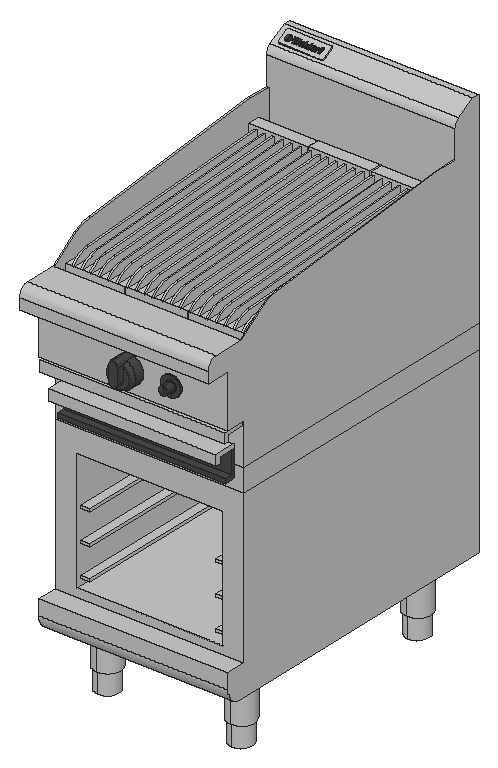
Revit family "QF_MOFFAT WALDORF_CH8450G-CB", category Specialty Equipment, Revit 2012
Parameters
  Weight in Pounds = 0
  URL Cutsheet = "www.moffat.com"
  URL = "www.moffat.com"
  Type Mark [instance] = ""
  Status [instance] = ""
  Specification by User [instance] = ""
  Specification by Manufacturer = ""
  Show Logo [instance] = yes
  Serial Number = ""
  Seismic Rating = ""
  SMACNA No = ""
  Revision Code [instance] = ""
  Omniclass Number and Title = ""
  NAFEM Spec ID Number = ""
  Model = "CH8450G-CB"
  Mechanical Remarks [instance] = ""
  Mechanical Connection Type [instance] = ""
  Masterspec = ""
  Manufacturer = "MOFFAT WALDORF"
  Legs [instance] = yes
  Item Number [instance] = ""
  Installed By [instance] = ""
  Identify Quantity as Lot [instance] = yes
  Gas Size = 3/4"
  Gas RI Height [instance] = 0 mm
  Gas KW [instance] = 14
  Gas Input [instance] = 45495.0 Btu/h
  Gas Connection Height = 0 mm
  Furnished By [instance] = ""
  Foodservice Equipment Identifier [instance] = yes
  Description = "CHARGRILL ON CABINET BASE"
  CSI MasterFormat = ""
  CSI Master Format = ""
  Body Finish = QF_Finishes_Stainless Steel
Reference planes
  plane 1 "BACK": y = 0
  plane 2: z = 0
  plane 3 "LEFT": x = 0
  plane 4 "RIGHT": x = 450
  plane 5 "FRONT": y = -805
  plane 6 "TOP": z = 1130
  plane 7 "Center Y": x = 225
  plane 8 "Center X": y = -402.5
Forms (mm)
  Extrusion 1, solid, material "QF_Finishes_Stainless Steel" <- "Body Finish"
    sketch origin (0, 0, 0) x (0, 1, 0) y (0, 0, 1)
      loop
        line (-805, 891) -> (-805, 866) -> (-749, 866) -> (-749, 740) -> (-699, 740) -> (-699, 640) -> (0, 640) -> (0, 1130) -> (-16.5, 1130) -> (-58.709, 1105.631)
        arc (-58.709, 1105.631) -> (-66.975, 1097.365) -> (-70, 1086.074) r 22.582
        line (-70, 1086.074) -> (-70, 875) -> (-705, 875) -> (-705, 915) -> (-781, 915)
        arc (-781, 915) -> (-797.971, 907.971) -> (-805, 891) r 24
      loop
        line (0, 585) -> (0, 639.206) -> (-699, 639.206) -> (-699, 585) -> (0, 585)
    from 0 to 450
  Extrusion 2, solid, material "QF_Finishes_Stainless Steel" <- "Body Finish"
    sketch origin (0, 0, 0) x (0, 1, 0) y (0, 0, 1)
      loop
        line (-121.455, 1019.2) -> (-600.057, 973.116)
        arc (-600.057, 973.116) -> (-620.977, 968.81) -> (-640.506, 960.159) r 100
        line (-640.506, 960.159) -> (-705, 915) -> (-705, 875) -> (-70, 875) -> (-70, 1019.2) -> (-121.455, 1019.2)
    from 0 to 4.5
  Extrusion 3, solid, material "QF_Finishes_Stainless Steel" <- "Body Finish"
    sketch origin (450, 0, 0) x (0, 1, 0) y (0, 0, -1)
      loop
        line (-121.455, -1019.2) -> (-70, -1019.2) -> (-70, -875) -> (-705, -875) -> (-705, -915) -> (-640.506, -960.159)
        arc (-640.506, -960.159) -> (-620.977, -968.81) -> (-600.057, -973.116) r 100
        line (-600.057, -973.116) -> (-121.455, -1019.2)
    from 0 to 3
  Revolve 4, solid, material "QF_Finishes_Black"
    sketch origin (224.813, 0, 0) x (0, 1, 0) y (0, 0, 1)
      loop
        line (-782, 829.5) -> (-793, 823.651) -> (-793, 797) -> (-749, 797) -> (-749, 802) -> (-759, 802) -> (-759, 829.5) -> (-782, 829.5)
      axis (-793, 797) -> (-749, 797)
    angle from 0 to 360
  Extrusion 5, solid, material "QF_Finishes_Black"
    sketch origin (86.7, 0, 0) x (1, 0, 0) y (0, 0, 1)
      loop
        line (148.3, 789) -> (148.3, 824)
        arc (148.3, 824) -> (138.3, 834) -> (128.3, 824) r 10
        line (128.3, 824) -> (128.3, 789)
        arc (128.3, 789) -> (138.3, 779) -> (148.3, 789) r 10
    from 759 to 808
  Revolve 6, solid, material "QF_Finishes_Black"
    sketch origin (325, 0, 0) x (0, 1, 0) y (0, 0, 1)
      loop
        line (-759, 802) -> (-759, 821) -> (-761.705, 821) -> (-761.705, 809.85) -> (-762.85, 809.85) -> (-762.85, 806.825) -> (-784.88, 806.825) -> (-784.88, 797) -> (-749, 797) -> (-749, 802) -> (-759, 802)
      axis (-749, 797) -> (-784.88, 797)
    angle from 0 to 360
  Extrusion 7, solid, material "QF_Finishes_Stainless Steel"
    sketch origin (276, 0, 0) x (0, 1, 0) y (0, 0, 1)
      loop
        line (-132, 910.364) -> (-132, 962.849) -> (-630.852, 932.53)
        arc (-630.852, 932.53) -> (-656.098, 925.97) -> (-677, 910.364) r 67.81
        line (-677, 910.364) -> (-132, 910.364)
    from 0 to 4.5
  Extrusion 8, solid, material "QF_Finishes_Stainless Steel"
    sketch origin (255, 0, 0) x (0, 1, 0) y (0, 0, 1)
      loop
        line (-132, 910.364) -> (-132, 962.849) -> (-630.852, 932.53)
        arc (-630.852, 932.53) -> (-656.098, 925.97) -> (-677, 910.364) r 67.81
        line (-677, 910.364) -> (-132, 910.364)
    from 0 to 4.5
  Extrusion 9, solid, material "QF_Finishes_Stainless Steel"
    sketch origin (234, 0, 0) x (0, 1, 0) y (0, 0, 1)
      loop
        line (-132, 910.364) -> (-132, 962.849) -> (-630.852, 932.53)
        arc (-630.852, 932.53) -> (-656.098, 925.97) -> (-677, 910.364) r 67.81
        line (-677, 910.364) -> (-132, 910.364)
    from 0 to 4.5
  Extrusion 10, solid, material "QF_Finishes_Stainless Steel"
    sketch origin (213, 0, 0) x (0, 1, 0) y (0, 0, 1)
      loop
        line (-132, 910.364) -> (-132, 962.849) -> (-630.852, 932.53)
        arc (-630.852, 932.53) -> (-656.098, 925.97) -> (-677, 910.364) r 67.81
        line (-677, 910.364) -> (-132, 910.364)
    from 0 to 4.5
  Extrusion 11, solid, material "QF_Finishes_Stainless Steel"
    sketch origin (192, 0, 0) x (0, 1, 0) y (0, 0, 1)
      loop
        line (-132, 910.364) -> (-132, 962.849) -> (-630.852, 932.53)
        arc (-630.852, 932.53) -> (-656.098, 925.97) -> (-677, 910.364) r 67.81
        line (-677, 910.364) -> (-132, 910.364)
    from 0 to 4.5
  Extrusion 12, solid, material "QF_Finishes_Stainless Steel"
    sketch origin (171, 0, 0) x (0, 1, 0) y (0, 0, 1)
      loop
        line (-132, 910.364) -> (-132, 962.849) -> (-630.852, 932.53)
        arc (-630.852, 932.53) -> (-656.098, 925.97) -> (-677, 910.364) r 67.81
        line (-677, 910.364) -> (-132, 910.364)
    from 0 to 4.5
  Extrusion 13, solid, material "QF_Finishes_Stainless Steel"
    sketch origin (150, 0, 0) x (0, 1, 0) y (0, 0, 1)
      loop
        line (-132, 910.364) -> (-132, 962.849) -> (-630.852, 932.53)
        arc (-630.852, 932.53) -> (-656.098, 925.97) -> (-677, 910.364) r 67.81
        line (-677, 910.364) -> (-132, 910.364)
    from 0 to 4.5
  Extrusion 14, solid, material "QF_Finishes_Stainless Steel"
    sketch origin (126, 0, 0) x (0, 1, 0) y (0, 0, 1)
      loop
        line (-132, 910.364) -> (-132, 962.849) -> (-630.852, 932.53)
        arc (-630.852, 932.53) -> (-656.098, 925.97) -> (-677, 910.364) r 67.81
        line (-677, 910.364) -> (-132, 910.364)
    from 0 to 4.5
  Extrusion 15, solid, material "QF_Finishes_Stainless Steel"
    sketch origin (105, 0, 0) x (0, 1, 0) y (0, 0, 1)
      loop
        line (-132, 910.364) -> (-132, 962.849) -> (-630.852, 932.53)
        arc (-630.852, 932.53) -> (-656.098, 925.97) -> (-677, 910.364) r 67.81
        line (-677, 910.364) -> (-132, 910.364)
    from 0 to 4.5
  Extrusion 16, solid, material "QF_Finishes_Stainless Steel"
    sketch origin (84, 0, 0) x (0, 1, 0) y (0, 0, 1)
      loop
        line (-132, 910.364) -> (-132, 962.849) -> (-630.852, 932.53)
        arc (-630.852, 932.53) -> (-656.098, 925.97) -> (-677, 910.364) r 67.81
        line (-677, 910.364) -> (-132, 910.364)
    from 0 to 4.5
  Extrusion 17, solid, material "QF_Finishes_Stainless Steel"
    sketch origin (63, 0, 0) x (0, 1, 0) y (0, 0, 1)
      loop
        line (-132, 910.364) -> (-132, 962.849) -> (-630.852, 932.53)
        arc (-630.852, 932.53) -> (-656.098, 925.97) -> (-677, 910.364) r 67.81
        line (-677, 910.364) -> (-132, 910.364)
    from 0 to 4.5
  Extrusion 18, solid, material "QF_Finishes_Stainless Steel"
    sketch origin (42, 0, 0) x (0, 1, 0) y (0, 0, 1)
      loop
        line (-132, 910.364) -> (-132, 962.849) -> (-630.852, 932.53)
        arc (-630.852, 932.53) -> (-656.098, 925.97) -> (-677, 910.364) r 67.81
        line (-677, 910.364) -> (-132, 910.364)
    from 0 to 4.5
  Extrusion 19, solid, material "QF_Finishes_Stainless Steel"
    sketch origin (21, 0, 0) x (0, 1, 0) y (0, 0, 1)
      loop
        line (-132, 910.364) -> (-132, 962.849) -> (-630.852, 932.53)
        arc (-630.852, 932.53) -> (-656.098, 925.97) -> (-677, 910.364) r 67.81
        line (-677, 910.364) -> (-132, 910.364)
    from 0 to 4.5
  Extrusion 20, solid, material "QF_Finishes_Stainless Steel"
    sketch origin (426, 0, 0) x (0, 1, 0) y (0, 0, 1)
      loop
        line (-132, 910.364) -> (-132, 962.849) -> (-630.852, 932.53)
        arc (-630.852, 932.53) -> (-656.098, 925.97) -> (-677, 910.364) r 67.81
        line (-677, 910.364) -> (-132, 910.364)
    from 0 to 4.5
  Extrusion 21, solid, material "QF_Finishes_Stainless Steel"
    sketch origin (405, 0, 0) x (0, 1, 0) y (0, 0, 1)
      loop
        line (-132, 910.364) -> (-132, 962.849) -> (-630.852, 932.53)
        arc (-630.852, 932.53) -> (-656.098, 925.97) -> (-677, 910.364) r 67.81
        line (-677, 910.364) -> (-132, 910.364)
    from 0 to 4.5
  Extrusion 22, solid, material "QF_Finishes_Stainless Steel"
    sketch origin (384, 0, 0) x (0, 1, 0) y (0, 0, 1)
      loop
        line (-132, 910.364) -> (-132, 962.849) -> (-630.852, 932.53)
        arc (-630.852, 932.53) -> (-656.098, 925.97) -> (-677, 910.364) r 67.81
        line (-677, 910.364) -> (-132, 910.364)
    from 0 to 4.5
  Extrusion 23, solid, material "QF_Finishes_Stainless Steel"
    sketch origin (363, 0, 0) x (0, 1, 0) y (0, 0, 1)
      loop
        line (-132, 910.364) -> (-132, 962.849) -> (-630.852, 932.53)
        arc (-630.852, 932.53) -> (-656.098, 925.97) -> (-677, 910.364) r 67.81
        line (-677, 910.364) -> (-132, 910.364)
    from 0 to 4.5
  Extrusion 24, solid, material "QF_Finishes_Stainless Steel"
    sketch origin (342, 0, 0) x (0, 1, 0) y (0, 0, 1)
      loop
        line (-132, 910.364) -> (-132, 962.849) -> (-630.852, 932.53)
        arc (-630.852, 932.53) -> (-656.098, 925.97) -> (-677, 910.364) r 67.81
        line (-677, 910.364) -> (-132, 910.364)
    from 0 to 4.5
  Extrusion 25, solid, material "QF_Finishes_Stainless Steel"
    sketch origin (321, 0, 0) x (0, 1, 0) y (0, 0, 1)
      loop
        line (-132, 910.364) -> (-132, 962.849) -> (-630.852, 932.53)
        arc (-630.852, 932.53) -> (-656.098, 925.97) -> (-677, 910.364) r 67.81
        line (-677, 910.364) -> (-132, 910.364)
    from 0 to 4.5
  Extrusion 26, solid, material "QF_Finishes_Stainless Steel"
    sketch origin (300, 0, 0) x (0, 1, 0) y (0, 0, 1)
      loop
        line (-132, 910.364) -> (-132, 962.849) -> (-630.852, 932.53)
        arc (-630.852, 932.53) -> (-656.098, 925.97) -> (-677, 910.364) r 67.81
        line (-677, 910.364) -> (-132, 910.364)
    from 0 to 4.5
  Extrusion 27, solid, material "QF_Finishes_Stainless Steel"
    sketch origin (76, 3, 0) x (1, 0, 0) y (0, 1, 0)
      loop
        circle (140, -35) r 13.5
    from 555 to 585
  Extrusion 28, solid, material "QF_Finishes_Black"
    sketch origin (1, 0, 0) x (0, 1, 0) y (0, 0, 1)
      loop
        line (-704, 671.797) -> (-704, 618.047) -> (-724, 618.047) -> (-724, 608.047) -> (-685.346, 608.047) -> (-685.346, 671.797) -> (-704, 671.797)
    from 24.12 to 424.007
  Extrusion 29, solid, material "QF_Finishes_Stainless Steel"
    sketch origin (0, 0, 0) x (0, 1, 0) y (0, 0, 1)
      loop
        line (-751.27, 711.219) -> (-741.27, 711.219) -> (-741.27, 726.219) -> (-699, 726.219) -> (-699, 736.219) -> (-751.27, 736.219) -> (-751.27, 711.219)
    from 5.013 to 445
  Extrusion 30, solid, material "QF_Finishes_Stainless Steel"
    sketch origin (0, 0, -54.422) x (0, 1, 0) y (0, 0, 1)
      loop
        line (-751.27, 711.219) -> (-741.27, 711.219) -> (-741.27, 726.219) -> (-685.346, 726.219) -> (-685.346, 736.219) -> (-751.27, 736.219) -> (-751.27, 711.219)
    from 25.12 to 425.007
  Extrusion 31, solid, material "QF_Finishes_Stainless Steel"
    sketch origin (0, 0, 0) x (0, 1, 0) y (0, 0, 1)
      loop
        line (-132, 910.364) -> (-677, 910.364) -> (-677, 875) -> (-102, 875) -> (-102, 970) -> (-132, 970) -> (-132, 910.364)
    from 4.5 to 147
  Extrusion 32, solid, material "QF_Finishes_Stainless Steel"
    sketch origin (145.5, 0, 0) x (0, 1, 0) y (0, 0, 1)
      loop
        line (-132, 910.364) -> (-677, 910.364) -> (-677, 875) -> (-102, 875) -> (-102, 970) -> (-132, 970) -> (-132, 910.364)
    from 4.5 to 151.5
  Extrusion 33, solid, material "QF_Finishes_Stainless Steel"
    sketch origin (295.5, 0, 0) x (0, 1, 0) y (0, 0, 1)
      loop
        line (-132, 910.364) -> (-677, 910.364) -> (-677, 875) -> (-102, 875) -> (-102, 970) -> (-132, 970) -> (-132, 910.364)
    from 4.5 to 151.5
  Extrusion 34, solid, material "QF_Finishes_Stainless Steel" <- "Body Finish"
    sketch origin (0, -70, 1085.255) x (0, 0, -1) y (1, 0, 0)
      loop
        line (555.255, 400) -> (555.255, 50) -> (842.755, 50) -> (842.755, 400) -> (555.255, 400)
      loop
        line (500.255, 0) -> (862.755, 0) -> (862.755, 450) -> (500.255, 450) -> (500.255, 0)
    from 0 to 629
  Extrusion 35, solid, material "QF_Finishes_Stainless Steel"
    sketch origin (0, -70, 930.255) x (0, 0, -1) y (1, 0, 0)
      loop
        line (596.505, 400) -> (590.155, 400) -> (590.155, 375) -> (596.505, 375) -> (596.505, 400)
      loop
        line (671.505, 400) -> (665.155, 400) -> (665.155, 375) -> (671.505, 375) -> (671.505, 400)
      loop
        line (671.505, 50) -> (671.505, 75) -> (665.155, 75) -> (665.155, 50) -> (671.505, 50)
      loop
        line (590.155, 75) -> (590.155, 50) -> (596.505, 50) -> (596.505, 75) -> (590.155, 75)
      loop
        line (521.505, 400) -> (515.155, 400) -> (515.155, 375) -> (521.505, 375) -> (521.505, 400)
      loop
        line (515.155, 75) -> (515.155, 50) -> (521.505, 50) -> (521.505, 75) -> (515.155, 75)
    from 73 to 619
  Revolve 36, solid, material "QF_Finishes_Stainless Steel", visible <- "Legs"
    sketch origin (65, -165, 0) x (0, 1, 0) y (0, 0, 1)
      loop
        line (33.25, 150) -> (33.25, 50) -> (37.5, 50) -> (37.5, 0) -> (65, 0) -> (65, 150) -> (33.25, 150)
      axis (65, 150) -> (65, 0)
    angle from 0 to 360
  Revolve 37, solid, material "QF_Finishes_Stainless Steel"
    sketch origin (65, -735, 0) x (0, 1, 0) y (0, 0, 1)
      loop
        line (78.25, 150) -> (78.25, 50) -> (82.5, 50) -> (82.5, 0) -> (110, 0) -> (110, 150) -> (78.25, 150)
      axis (110, 150) -> (110, 0)
    angle from 0 to 360
  Revolve 38, solid, material "QF_Finishes_Stainless Steel", visible <- "Legs"
    sketch origin (384, -165, 0) x (0, 1, 0) y (0, 0, -1)
      loop
        line (33.25, -150) -> (65, -150) -> (65, 0) -> (37.5, 0) -> (37.5, -50) -> (33.25, -50) -> (33.25, -150)
      axis (65, -150) -> (65, 0)
    angle from 0 to 360
  Revolve 39, solid, material "QF_Finishes_Stainless Steel"
    sketch origin (384, -735, 0) x (0, 1, 0) y (0, 0, -1)
      loop
        line (78.25, -150) -> (110, -150) -> (110, 0) -> (82.5, 0) -> (82.5, -50) -> (78.25, -50) -> (78.25, -150)
      axis (110, -150) -> (110, 0)
    angle from 0 to 360
  Extrusion 40, solid, material "QF_Finishes_Stainless Steel" <- "Body Finish"
    sketch origin (0, 0, 0) x (0, 1, 0) y (0, 0, 1)
      loop
        line (-143, 222.5) -> (-749, 222.5) -> (-749, 188)
        arc (-749, 188) -> (-737.87, 161.13) -> (-711, 150) r 38
        line (-711, 150) -> (0, 150) -> (0, 585) -> (-143, 585) -> (-143, 222.5)
    from 0 to 450
  Extrusion 41, void
    sketch origin (0, 0, 0) x (1, 0, 0) y (0, 1, 0)
      loop
        line (150, 0) -> (150, -38) -> (199, -87) -> (280, -87) -> (280, 0) -> (150, 0)
    from 223 to 600
Cuts and joins
  joined: Revolve 4, Extrusion 5
  joined: Extrusion 1, Extrusion 2, Extrusion 3
  Extrusion 41 cuts Extrusion 34
  Extrusion 41 cuts Extrusion 40
  joined: Extrusion 34, Extrusion 40
Lines and regions (mm)
  Split face 1
    outline origin (450, -699, 740) x (-1, 0, 0) y (0, 0, -1)
      loop
        line (424.88, 98.75) -> (24.993, 98.75) -> (24.993, 1.25) -> (424.88, 1.25) -> (424.88, 98.75)
  symbolic lines
    curve 1: line (0, 0, 0) -> (0, -805, 0)
    curve 2: line (450, 0, 0) -> (0, 0, 0)
    curve 3: line (450, -805, 0) -> (450, 0, 0)
    curve 4: line (0, -70, 0) -> (450, -70, 0)
    curve 5: line (0, -805, 0) -> (450, -805, 0)
    curve 6: line (12.5, -51.234, 0) -> (12.5, -20.958, 0)
    curve 7: line (12.5, -20.958, 0) -> (121.5, -20.958, 0)
    curve 8: line (12.5, -51.234, 0) -> (121.5, -51.234, 0)
    curve 9: line (121.5, -20.958, 0) -> (121.5, -51.234, 0)
    curve 10: line (447, -705, 0) -> (4.5, -705, 0)
    curve 11: line (4.5, -705, 0) -> (4.5, -70, 0)
    curve 12: line (447, -70, 0) -> (447, -705, 0)
Dimensions and locks
  plane 3 "LEFT" to plane 7 "Center Y" to plane 4 "RIGHT" = 225 mm, 225 mm
  plane 3 "LEFT" to plane 4 "RIGHT" = 450 mm
  equal spacing: plane 5 "FRONT", plane 8 "Center X", plane 1 "BACK"
  plane 5 "FRONT" to plane 1 "BACK" = 805 mm  (x2)
  equal spacing: plane 4 "RIGHT", plane 7 "Center Y", plane 3 "LEFT"
  plane 4 "RIGHT" to plane 3 "LEFT" = 450 mm
  plane 6 "TOP" to level = 1130 mm
  cut or joined group of Extrusion 1, Extrusion 2, Extrusion 3 to level = 915 mm
  Extrusion 27 to level = 555 mm
  Extrusion 27 to plane 1 "BACK" = 32 mm
  cut or joined group of Extrusion 1, Extrusion 2, Extrusion 3 to plane 1 "BACK" = 70 mm
  locked: Extrusion 34 sketch curve to Extrusion 34 sketch curve at 55
  aligned and locked: level to plane 2
  aligned and locked: curve 3 to plane 4 "RIGHT"
  aligned and locked: Extrusion 28 to Extrusion 30
Automatic sketch dimensions
  plane 1 "BACK" to curve 1 = 0 mm
  curve 1 to plane 3 "LEFT" = 0 mm
  plane 5 "FRONT" to curve 1 = 0 mm
  plane 3 "LEFT" to curve 11 = 4.5 mm
  plane 3 "LEFT" to curve 8 = 12.5 mm
  plane 1 "BACK" to curve 7 = 20.958 mm
  curve 6 to curve 7 = 109 mm
  plane 4 "RIGHT" to curve 12 = 3 mm
  curve 11 to plane 5 "FRONT" = 100 mm
  curve 4 to curve 6 = 49.042 mm
  curve 11 to curve 6 = 18.766 mm
  Extrusion 1 sketch curve to plane 5 "FRONT" = 0 mm
  Extrusion 1 sketch curve to plane 6 "TOP" = 0 mm
  Extrusion 1 sketch curve to plane 1 "BACK" = 0 mm  (x2)
  Extrusion 1 sketch curve to plane 5 "FRONT" = 24 mm
  Extrusion 1 sketch curve to Extrusion 1 sketch curve = 32 mm
  Extrusion 1 sketch curve to Extrusion 1 sketch curve = 44 mm
  Extrusion 1 sketch curve to plane 5 "FRONT" = 106 mm
  Extrusion 1 sketch curve to Extrusion 1 sketch curve = 0 mm
  plane 1 "BACK" to Extrusion 1 sketch curve = 70 mm
  Extrusion 1 sketch curve to plane 6 "TOP" = 24.369 mm
  Extrusion 1 sketch curve to Extrusion 1 sketch curve = 11.291 mm
  Extrusion 1 sketch curve to Extrusion 1 sketch curve = 22.582 mm
  plane 1 "BACK" to Extrusion 1 sketch curve = 16.5 mm
  Extrusion 1 sketch curve to plane 6 "TOP" = 215 mm
  Extrusion 1 sketch curve to Extrusion 1 sketch curve = 40 mm
  Extrusion 1 sketch curve to Extrusion 1 sketch curve = 25 mm
  Extrusion 1 sketch curve to Extrusion 1 sketch curve = 135 mm
  Extrusion 1 sketch curve to Extrusion 1 sketch curve = 235 mm
  Extrusion 1 sketch curve to Extrusion 1 sketch curve = 0.794 mm
  Extrusion 2 sketch curve to plane 5 "FRONT" = 100 mm
  Extrusion 2 sketch curve to Extrusion 2 sketch curve = 64.494 mm
  Extrusion 2 sketch curve to Extrusion 2 sketch curve = 40.449 mm
  Extrusion 2 sketch curve to Extrusion 2 sketch curve = 9.585 mm
  plane 1 "BACK" to Extrusion 2 sketch curve = 121.455 mm
  Extrusion 2 sketch curve to Extrusion 2 sketch curve = 51.455 mm
  Extrusion 2 sketch curve to plane 6 "TOP" = 256.424 mm
  Extrusion 2 sketch curve to Extrusion 2 sketch curve = 1.424 mm
  Extrusion 2 sketch curve to Extrusion 2 sketch curve = 40 mm
  Extrusion 2 sketch curve to Extrusion 2 sketch curve = 45.159 mm
  Extrusion 2 sketch curve to plane 6 "TOP" = 110.8 mm
  Extrusion 3 sketch curve to plane 5 "FRONT" = 100 mm
  Extrusion 3 sketch curve to Extrusion 3 sketch curve = 64.494 mm
  Extrusion 3 sketch curve to Extrusion 3 sketch curve = 40.449 mm
  Extrusion 3 sketch curve to Extrusion 3 sketch curve = 9.585 mm
  plane 1 "BACK" to Extrusion 3 sketch curve = 121.455 mm
  Extrusion 3 sketch curve to Extrusion 3 sketch curve = 51.455 mm
  Extrusion 3 sketch curve to plane 6 "TOP" = 110.8 mm
  Extrusion 3 sketch curve to plane 6 "TOP" = 156.884 mm
  Extrusion 3 sketch curve to Extrusion 3 sketch curve = 12.957 mm
  Extrusion 3 sketch curve to Extrusion 3 sketch curve = 45.159 mm
  Extrusion 3 sketch curve to Extrusion 3 sketch curve = 40 mm
  Revolve 4 sketch curve to plane 5 "FRONT" = 12 mm
  Revolve 4 sketch curve to Revolve 4 sketch curve = 0 mm  (x2)
  Revolve 4 sketch curve to Revolve 4 sketch curve = 11 mm
  Revolve 4 sketch curve to Revolve 4 sketch curve = 12.7 mm
  Revolve 4 sketch curve to Revolve 4 sketch curve = 23 mm
  Revolve 4 sketch curve to Revolve 4 sketch curve = 10 mm
  Revolve 4 sketch curve to plane 6 "TOP" = 333 mm
  Revolve 4 sketch curve to Revolve 4 sketch curve = 5 mm
  Revolve 4 sketch curve to Revolve 4 sketch curve = 26.651 mm
  Revolve 4 sketch curve to Revolve 4 sketch curve = 5.849 mm
  plane 3 "LEFT" to Extrusion 5 sketch curve = 215 mm
  Extrusion 5 sketch curve to Extrusion 5 sketch curve = 10 mm
  Extrusion 5 sketch curve to plane 6 "TOP" = 341 mm
  Extrusion 5 sketch curve to Extrusion 5 sketch curve = 35 mm
  Revolve 6 sketch curve to plane 5 "FRONT" = 20.12 mm
  Revolve 6 sketch curve to Revolve 6 sketch curve = 6.83 mm
  Revolve 6 sketch curve to Revolve 6 sketch curve = 15.2 mm
  Revolve 6 sketch curve to Revolve 6 sketch curve = 1.144 mm
  Revolve 6 sketch curve to Revolve 6 sketch curve = 3.85 mm
  Revolve 6 sketch curve to Revolve 6 sketch curve = 0 mm  (x2)
  Revolve 6 sketch curve to Revolve 6 sketch curve = 10 mm
  Revolve 6 sketch curve to plane 6 "TOP" = 333 mm
  Revolve 6 sketch curve to Revolve 6 sketch curve = 5 mm
  Revolve 6 sketch curve to Revolve 6 sketch curve = 4.825 mm
  Revolve 6 sketch curve to Revolve 6 sketch curve = 3.025 mm
  Revolve 6 sketch curve to Revolve 6 sketch curve = 11.15 mm
  Extrusion 7 sketch curve to plane 5 "FRONT" = 128 mm
  Extrusion 7 sketch curve to Extrusion 7 sketch curve = 46.148 mm
  Extrusion 7 sketch curve to Extrusion 7 sketch curve = 4.114 mm
  plane 1 "BACK" to Extrusion 7 sketch curve = 132 mm
  Extrusion 7 sketch curve to plane 6 "TOP" = 265.155 mm
  Extrusion 7 sketch curve to plane 6 "TOP" = 219.636 mm
  Extrusion 7 sketch curve to Extrusion 7 sketch curve = 52.486 mm
  Extrusion 8 sketch curve to plane 5 "FRONT" = 128 mm
  Extrusion 8 sketch curve to Extrusion 8 sketch curve = 46.148 mm
  Extrusion 8 sketch curve to Extrusion 8 sketch curve = 4.114 mm
  plane 1 "BACK" to Extrusion 8 sketch curve = 132 mm
  Extrusion 8 sketch curve to plane 6 "TOP" = 265.155 mm
  Extrusion 8 sketch curve to plane 6 "TOP" = 219.636 mm
  Extrusion 8 sketch curve to Extrusion 8 sketch curve = 52.486 mm
  Extrusion 9 sketch curve to plane 5 "FRONT" = 128 mm
  Extrusion 9 sketch curve to Extrusion 9 sketch curve = 46.148 mm
  Extrusion 9 sketch curve to Extrusion 9 sketch curve = 4.114 mm
  plane 1 "BACK" to Extrusion 9 sketch curve = 132 mm
  Extrusion 9 sketch curve to plane 6 "TOP" = 265.155 mm
  Extrusion 9 sketch curve to plane 6 "TOP" = 219.636 mm
  Extrusion 9 sketch curve to Extrusion 9 sketch curve = 52.486 mm
  Extrusion 10 sketch curve to plane 5 "FRONT" = 128 mm
  Extrusion 10 sketch curve to Extrusion 10 sketch curve = 46.148 mm
  Extrusion 10 sketch curve to Extrusion 10 sketch curve = 4.114 mm
  plane 1 "BACK" to Extrusion 10 sketch curve = 132 mm
  Extrusion 10 sketch curve to plane 6 "TOP" = 265.155 mm
  Extrusion 10 sketch curve to plane 6 "TOP" = 219.636 mm
  Extrusion 10 sketch curve to Extrusion 10 sketch curve = 52.486 mm
  Extrusion 11 sketch curve to plane 5 "FRONT" = 128 mm
  Extrusion 11 sketch curve to Extrusion 11 sketch curve = 46.148 mm
  Extrusion 11 sketch curve to Extrusion 11 sketch curve = 4.114 mm
  plane 1 "BACK" to Extrusion 11 sketch curve = 132 mm
  Extrusion 11 sketch curve to plane 6 "TOP" = 265.155 mm
  Extrusion 11 sketch curve to plane 6 "TOP" = 219.636 mm
  Extrusion 11 sketch curve to Extrusion 11 sketch curve = 52.486 mm
  Extrusion 12 sketch curve to plane 5 "FRONT" = 128 mm
  Extrusion 12 sketch curve to Extrusion 12 sketch curve = 46.148 mm
  Extrusion 12 sketch curve to Extrusion 12 sketch curve = 4.114 mm
  plane 1 "BACK" to Extrusion 12 sketch curve = 132 mm
  Extrusion 12 sketch curve to plane 6 "TOP" = 265.155 mm
  Extrusion 12 sketch curve to plane 6 "TOP" = 219.636 mm
  Extrusion 12 sketch curve to Extrusion 12 sketch curve = 52.486 mm
  Extrusion 13 sketch curve to plane 5 "FRONT" = 128 mm
  Extrusion 13 sketch curve to Extrusion 13 sketch curve = 46.148 mm
  Extrusion 13 sketch curve to Extrusion 13 sketch curve = 4.114 mm
  plane 1 "BACK" to Extrusion 13 sketch curve = 132 mm
  Extrusion 13 sketch curve to plane 6 "TOP" = 265.155 mm
  Extrusion 13 sketch curve to plane 6 "TOP" = 219.636 mm
  Extrusion 13 sketch curve to Extrusion 13 sketch curve = 52.486 mm
  Extrusion 14 sketch curve to plane 5 "FRONT" = 128 mm
  Extrusion 14 sketch curve to Extrusion 14 sketch curve = 46.148 mm
  Extrusion 14 sketch curve to Extrusion 14 sketch curve = 4.114 mm
  plane 1 "BACK" to Extrusion 14 sketch curve = 132 mm
  Extrusion 14 sketch curve to plane 6 "TOP" = 265.155 mm
  Extrusion 14 sketch curve to plane 6 "TOP" = 219.636 mm
  Extrusion 14 sketch curve to Extrusion 14 sketch curve = 52.486 mm
  Extrusion 15 sketch curve to plane 5 "FRONT" = 128 mm
  Extrusion 15 sketch curve to Extrusion 15 sketch curve = 46.148 mm
  Extrusion 15 sketch curve to Extrusion 15 sketch curve = 4.114 mm
  plane 1 "BACK" to Extrusion 15 sketch curve = 132 mm
  Extrusion 15 sketch curve to plane 6 "TOP" = 265.155 mm
  Extrusion 15 sketch curve to plane 6 "TOP" = 219.636 mm
  Extrusion 15 sketch curve to Extrusion 15 sketch curve = 52.486 mm
  Extrusion 16 sketch curve to plane 5 "FRONT" = 128 mm
  Extrusion 16 sketch curve to Extrusion 16 sketch curve = 46.148 mm
  Extrusion 16 sketch curve to Extrusion 16 sketch curve = 4.114 mm
  plane 1 "BACK" to Extrusion 16 sketch curve = 132 mm
  Extrusion 16 sketch curve to plane 6 "TOP" = 265.155 mm
  Extrusion 16 sketch curve to plane 6 "TOP" = 219.636 mm
  Extrusion 16 sketch curve to Extrusion 16 sketch curve = 52.486 mm
  Extrusion 17 sketch curve to plane 5 "FRONT" = 128 mm
  Extrusion 17 sketch curve to Extrusion 17 sketch curve = 46.148 mm
  Extrusion 17 sketch curve to Extrusion 17 sketch curve = 4.114 mm
  plane 1 "BACK" to Extrusion 17 sketch curve = 132 mm
  Extrusion 17 sketch curve to plane 6 "TOP" = 265.155 mm
  Extrusion 17 sketch curve to plane 6 "TOP" = 219.636 mm
  Extrusion 17 sketch curve to Extrusion 17 sketch curve = 52.486 mm
  Extrusion 18 sketch curve to plane 5 "FRONT" = 128 mm
  Extrusion 18 sketch curve to Extrusion 18 sketch curve = 46.148 mm
  Extrusion 18 sketch curve to Extrusion 18 sketch curve = 4.114 mm
  plane 1 "BACK" to Extrusion 18 sketch curve = 132 mm
  Extrusion 18 sketch curve to plane 6 "TOP" = 265.155 mm
  Extrusion 18 sketch curve to plane 6 "TOP" = 219.636 mm
  Extrusion 18 sketch curve to Extrusion 18 sketch curve = 52.486 mm
  Extrusion 19 sketch curve to plane 5 "FRONT" = 128 mm
  Extrusion 19 sketch curve to Extrusion 19 sketch curve = 46.148 mm
  Extrusion 19 sketch curve to Extrusion 19 sketch curve = 4.114 mm
  plane 1 "BACK" to Extrusion 19 sketch curve = 132 mm
  Extrusion 19 sketch curve to plane 6 "TOP" = 265.155 mm
  Extrusion 19 sketch curve to plane 6 "TOP" = 219.636 mm
  Extrusion 19 sketch curve to Extrusion 19 sketch curve = 52.486 mm
  Extrusion 20 sketch curve to plane 5 "FRONT" = 128 mm
  Extrusion 20 sketch curve to Extrusion 20 sketch curve = 46.148 mm
  Extrusion 20 sketch curve to Extrusion 20 sketch curve = 4.114 mm
  plane 1 "BACK" to Extrusion 20 sketch curve = 132 mm
  Extrusion 20 sketch curve to plane 6 "TOP" = 265.155 mm
  Extrusion 20 sketch curve to plane 6 "TOP" = 219.636 mm
  Extrusion 20 sketch curve to Extrusion 20 sketch curve = 52.486 mm
  Extrusion 21 sketch curve to plane 5 "FRONT" = 128 mm
  Extrusion 21 sketch curve to Extrusion 21 sketch curve = 46.148 mm
  Extrusion 21 sketch curve to Extrusion 21 sketch curve = 4.114 mm
  plane 1 "BACK" to Extrusion 21 sketch curve = 132 mm
  Extrusion 21 sketch curve to plane 6 "TOP" = 265.155 mm
  Extrusion 21 sketch curve to plane 6 "TOP" = 219.636 mm
  Extrusion 21 sketch curve to Extrusion 21 sketch curve = 52.486 mm
  Extrusion 22 sketch curve to plane 5 "FRONT" = 128 mm
  Extrusion 22 sketch curve to Extrusion 22 sketch curve = 46.148 mm
  Extrusion 22 sketch curve to Extrusion 22 sketch curve = 4.114 mm
  plane 1 "BACK" to Extrusion 22 sketch curve = 132 mm
  Extrusion 22 sketch curve to plane 6 "TOP" = 265.155 mm
  Extrusion 22 sketch curve to plane 6 "TOP" = 219.636 mm
  Extrusion 22 sketch curve to Extrusion 22 sketch curve = 52.486 mm
  Extrusion 23 sketch curve to plane 5 "FRONT" = 128 mm
  Extrusion 23 sketch curve to Extrusion 23 sketch curve = 46.148 mm
  Extrusion 23 sketch curve to Extrusion 23 sketch curve = 4.114 mm
  plane 1 "BACK" to Extrusion 23 sketch curve = 132 mm
  Extrusion 23 sketch curve to plane 6 "TOP" = 265.155 mm
  Extrusion 23 sketch curve to plane 6 "TOP" = 219.636 mm
  Extrusion 23 sketch curve to Extrusion 23 sketch curve = 52.486 mm
  Extrusion 24 sketch curve to plane 5 "FRONT" = 128 mm
  Extrusion 24 sketch curve to Extrusion 24 sketch curve = 46.148 mm
  Extrusion 24 sketch curve to Extrusion 24 sketch curve = 4.114 mm
  plane 1 "BACK" to Extrusion 24 sketch curve = 132 mm
  Extrusion 24 sketch curve to plane 6 "TOP" = 265.155 mm
  Extrusion 24 sketch curve to plane 6 "TOP" = 219.636 mm
  Extrusion 24 sketch curve to Extrusion 24 sketch curve = 52.486 mm
  Extrusion 25 sketch curve to plane 5 "FRONT" = 128 mm
  Extrusion 25 sketch curve to Extrusion 25 sketch curve = 46.148 mm
  Extrusion 25 sketch curve to Extrusion 25 sketch curve = 4.114 mm
  plane 1 "BACK" to Extrusion 25 sketch curve = 132 mm
  Extrusion 25 sketch curve to plane 6 "TOP" = 265.155 mm
  Extrusion 25 sketch curve to plane 6 "TOP" = 219.636 mm
  Extrusion 25 sketch curve to Extrusion 25 sketch curve = 52.486 mm
  Extrusion 26 sketch curve to plane 5 "FRONT" = 128 mm
  Extrusion 26 sketch curve to Extrusion 26 sketch curve = 46.148 mm
  Extrusion 26 sketch curve to Extrusion 26 sketch curve = 4.114 mm
  plane 1 "BACK" to Extrusion 26 sketch curve = 132 mm
  Extrusion 26 sketch curve to plane 6 "TOP" = 265.155 mm
  Extrusion 26 sketch curve to plane 6 "TOP" = 219.636 mm
  Extrusion 26 sketch curve to Extrusion 26 sketch curve = 52.486 mm
  plane 1 "BACK" to Extrusion 27 sketch curve = 32 mm
  Extrusion 27 sketch curve to plane 7 "Center Y" = 9 mm
  Extrusion 28 sketch curve to plane 5 "FRONT" = 81 mm
  Extrusion 28 sketch curve to Extrusion 28 sketch curve = 20 mm
  Extrusion 28 sketch curve to Extrusion 28 sketch curve = 18.654 mm
  Extrusion 28 sketch curve to plane 6 "TOP" = 521.953 mm
  Extrusion 28 sketch curve to Extrusion 28 sketch curve = 10 mm
  Extrusion 28 sketch curve to Extrusion 28 sketch curve = 53.75 mm
  Extrusion 29 sketch curve to plane 5 "FRONT" = 53.73 mm
  Extrusion 29 sketch curve to Extrusion 29 sketch curve = 10 mm  (x2)
  Extrusion 29 sketch curve to Extrusion 29 sketch curve = 42.27 mm
  Extrusion 29 sketch curve to plane 6 "TOP" = 418.781 mm
  Extrusion 29 sketch curve to Extrusion 29 sketch curve = 15 mm
  Split face 1 sketch curve to cut or joined group of Extrusion 1, Extrusion 2, Extrusion 3 = 1.25 mm
  Split face 1 sketch curve to cut or joined group of Extrusion 1, Extrusion 2, Extrusion 3 = 24.993 mm
  cut or joined group of Extrusion 1, Extrusion 2, Extrusion 3 to Split face 1 sketch curve = 1.25 mm
  Split face 1 sketch curve to cut or joined group of Extrusion 1, Extrusion 2, Extrusion 3 = 25.12 mm
  Extrusion 30 sketch curve to plane 5 "FRONT" = 53.73 mm
  Extrusion 30 sketch curve to Extrusion 30 sketch curve = 10 mm  (x2)
  Extrusion 30 sketch curve to Extrusion 30 sketch curve = 55.924 mm
  Extrusion 30 sketch curve to plane 6 "TOP" = 473.203 mm
  Extrusion 30 sketch curve to Extrusion 30 sketch curve = 15 mm
  Extrusion 31 sketch curve to plane 5 "FRONT" = 128 mm
  plane 1 "BACK" to Extrusion 31 sketch curve = 132 mm
  Extrusion 31 sketch curve to Extrusion 31 sketch curve = 30 mm
  Extrusion 31 sketch curve to plane 6 "TOP" = 255 mm
  Extrusion 31 sketch curve to Extrusion 31 sketch curve = 35.364 mm
  Extrusion 31 sketch curve to Extrusion 31 sketch curve = 59.636 mm
  Extrusion 32 sketch curve to plane 5 "FRONT" = 128 mm
  plane 1 "BACK" to Extrusion 32 sketch curve = 132 mm
  Extrusion 32 sketch curve to Extrusion 32 sketch curve = 30 mm
  Extrusion 32 sketch curve to plane 6 "TOP" = 255 mm
  Extrusion 32 sketch curve to Extrusion 32 sketch curve = 35.364 mm
  Extrusion 32 sketch curve to Extrusion 32 sketch curve = 59.636 mm
  Extrusion 33 sketch curve to plane 5 "FRONT" = 128 mm
  plane 1 "BACK" to Extrusion 33 sketch curve = 132 mm
  Extrusion 33 sketch curve to Extrusion 33 sketch curve = 30 mm
  Extrusion 33 sketch curve to plane 6 "TOP" = 255 mm
  Extrusion 33 sketch curve to Extrusion 33 sketch curve = 35.364 mm
  Extrusion 33 sketch curve to Extrusion 33 sketch curve = 59.636 mm
  Extrusion 34 sketch curve to plane 3 "LEFT" = 0 mm
  plane 4 "RIGHT" to Extrusion 34 sketch curve = 0 mm
  Extrusion 34 sketch curve to plane 6 "TOP" = 545 mm
  plane 4 "RIGHT" to Extrusion 34 sketch curve = 50 mm
  level to Extrusion 34 sketch curve = 242.5 mm
  Extrusion 34 sketch curve to Extrusion 34 sketch curve = 20 mm
  plane 3 "LEFT" to Extrusion 34 sketch curve = 50 mm
  plane 3 "LEFT" to Extrusion 35 sketch curve = 50 mm  (x3)
  level to Extrusion 35 sketch curve = 415.1 mm
  plane 7 "Center Y" to Extrusion 35 sketch curve = 175 mm
  Extrusion 35 sketch curve to Extrusion 35 sketch curve = 0 mm  (x2)
  Extrusion 35 sketch curve to Extrusion 35 sketch curve = 6.35 mm  (x6)
  Extrusion 35 sketch curve to Extrusion 35 sketch curve = 68.65 mm  (x4)
  Extrusion 35 sketch curve to Extrusion 35 sketch curve = 25 mm  (x7)
  Revolve 36 sketch curve to level = 0 mm
  level to Revolve 36 sketch curve = 50 mm
  plane 1 "BACK" to Revolve 36 sketch curve = 131.75 mm
  Revolve 36 sketch curve to Revolve 36 sketch curve = 4.25 mm
  Revolve 36 sketch curve to Revolve 36 sketch curve = 27.5 mm  (x2)
  Revolve 36 sketch curve to level = 55 mm
  Revolve 36 sketch curve to Revolve 36 sketch curve = 0 mm
  Revolve 36 sketch curve to Revolve 36 sketch curve = 100 mm
  Revolve 37 sketch curve to level = 0 mm
  level to Revolve 37 sketch curve = 50 mm
  Revolve 37 sketch curve to plane 5 "FRONT" = 148.25 mm
  Revolve 37 sketch curve to Revolve 37 sketch curve = 4.25 mm
  Revolve 37 sketch curve to Revolve 37 sketch curve = 27.5 mm  (x2)
  Revolve 37 sketch curve to Revolve 37 sketch curve = 55 mm
  Revolve 37 sketch curve to Revolve 37 sketch curve = 0 mm
  Revolve 37 sketch curve to Revolve 37 sketch curve = 100 mm
  Revolve 38 sketch curve to level = 0 mm
  level to Revolve 38 sketch curve = 50 mm
  plane 1 "BACK" to Revolve 38 sketch curve = 131.75 mm
  Revolve 38 sketch curve to Revolve 38 sketch curve = 4.25 mm
  Revolve 38 sketch curve to Revolve 38 sketch curve = 27.5 mm  (x2)
  Revolve 38 sketch curve to Revolve 38 sketch curve = 100 mm
  Revolve 38 sketch curve to Revolve 38 sketch curve = 0 mm
  Revolve 38 sketch curve to Revolve 38 sketch curve = 55 mm
  Revolve 39 sketch curve to level = 0 mm
  level to Revolve 39 sketch curve = 50 mm
  Revolve 39 sketch curve to plane 5 "FRONT" = 148.25 mm
  Revolve 39 sketch curve to Revolve 39 sketch curve = 4.25 mm
  Revolve 39 sketch curve to Revolve 39 sketch curve = 27.5 mm  (x2)
  Revolve 39 sketch curve to Revolve 39 sketch curve = 100 mm
  Revolve 39 sketch curve to Revolve 39 sketch curve = 0 mm
  Revolve 39 sketch curve to Revolve 39 sketch curve = 55 mm
  Extrusion 1 sketch curve to Extrusion 1 sketch curve = 54.206 mm
  Extrusion 40 sketch curve to plane 1 "BACK" = 0 mm
  Extrusion 40 sketch curve to plane 5 "FRONT" = 94 mm
  Extrusion 40 sketch curve to Extrusion 40 sketch curve = 38 mm
  level to Extrusion 40 sketch curve = 150 mm
  Extrusion 40 sketch curve to Extrusion 40 sketch curve = 34.5 mm
  plane 1 "BACK" to Extrusion 41 sketch curve = 0 mm
  Extrusion 41 sketch curve to plane 7 "Center Y" = 75 mm
  Extrusion 41 sketch curve to plane 7 "Center Y" = 26 mm
  plane 7 "Center Y" to Extrusion 41 sketch curve = 55 mm
  Extrusion 41 sketch curve to Extrusion 41 sketch curve = 38 mm
  Extrusion 41 sketch curve to Extrusion 41 sketch curve = 49 mm
  plane 1 "BACK" to Extrusion 40 sketch curve = 143 mm
  Extrusion 40 sketch curve to Extrusion 40 sketch curve = 362.5 mm
  radius of Extrusion 27 sketch curve = 13.5 mm
Nested families
  nested 1: "WALDORF LOGO_FACE BASE" at (12.5, -23.654, 1125.87) x (1, 0, 0) z (0, -0.5, 0.866), visible <- "Show Logo", type "WALDORF LOGO_FACE BASE", detail levels medium+fine
    with Show Logo yes
Connectors
  piping at (216, -32, 555)
    settings: on Extrusion 27, index 1, connector radius 0.37402", flow factor 0, pipe flow 0 GPM, pressure drop 0.00 psi, fitting loss kfactor 0, connector angle 0.00°, fixture units 0, engagement length 0 mm, flow configuration 1, flow direction 1, fitting loss method 0, system type 7, joint type 0, gender type 0, connector reference index -1, connector utility 0, adjustable connector no, is connector primary yes, fitting loss table "", connector description "GAS CONNECTION"
Definition of nested family "WALDORF LOGO_FACE BASE"
  Parameters (values of type "WALDORF LOGO_FACE BASE")
    Show Logo [instance] = yes
    Default Elevation = 1219.2 mm
  Reference planes
    plane 1 "Center (Front/Back)": y = 0
    plane 2: z = 0
    plane 3 "Center (Left/Right)": x = 0
  Forms (mm)
    Extrusion 1, solid
      sketch origin (0, 0, 0) x (1, 0, 0) y (0, 1, 0)
        loop
          line (-1219.2, 1219.2) -> (-1219.2, -1219.2) -> (1219.2, -1219.2) -> (1219.2, 1219.2) -> (-1219.2, 1219.2)
      from 0 to -304.8
    Extrusion 2, solid, material "QF_Finishes_Stainless Steel", visible <- "Show Logo"
      sketch origin (0, -33.217, 0) x (1, 0, 0) y (0, 1, 0)
        loop
          arc (5, 34.14) -> (1.464, 32.676) -> (0, 29.14) r 5
          line (0, 29.14) -> (0, 5)
          arc (0, 5) -> (1.464, 1.464) -> (5, 0) r 5
          line (5, 0) -> (104, 0)
          arc (104, 0) -> (107.536, 1.464) -> (109, 5) r 5
          line (109, 5) -> (109, 29.14)
          arc (109, 29.14) -> (107.536, 32.676) -> (104, 34.14) r 5
          line (104, 34.14) -> (5, 34.14)
      from 0 to 1.588
    Extrusion 3, solid, material "QF_Finishes_Black", visible <- "Show Logo"
      sketch origin (0, -33.217, 1.588) x (1, 0, 0) y (0, 1, 0)
        loop
          line (24.772, 23.214) -> (27.992, 10.301) -> (31.551, 10.301) -> (33.443, 17.364) -> (35.205, 10.301) -> (39.332, 10.301) -> (42.077, 23.214) -> (38.352, 23.214) -> (36.676, 15.33) -> (35, 23.214) -> (31.752, 23.214) -> (30.076, 15.33) -> (28.4, 23.214) -> (24.772, 23.214)
        loop
          line (42.272, 17.055) -> (45.703, 17.055)
          spline (45.703, 17.055) -> (45.741, 17.285) -> (45.852, 17.499) -> (46.028, 17.682) -> (46.258, 17.823) -> (46.526, 17.912) -> (46.813, 17.942) -> (47.1, 17.912) -> (47.368, 17.823) -> (47.597, 17.682) -> (47.774, 17.499) -> (47.884, 17.285) -> (47.922, 17.055)
          line (47.922, 17.055) -> (47.922, 16.222)
          arc (47.922, 16.222) -> (45.742, 16.014) -> (43.665, 15.317) r 9.604
          arc (43.665, 15.317) -> (41.924, 12.809) -> (43.665, 10.301) r 2.677
          arc (43.665, 10.301) -> (45.527, 10.353) -> (47.332, 10.816) r 8.365
          line (47.332, 10.816) -> (48.092, 11.105) -> (48.092, 10.301) -> (51.817, 10.301) -> (51.817, 17.055)
          spline (51.817, 17.055) -> (51.654, 17.821) -> (51.178, 18.535) -> (50.419, 19.148) -> (49.431, 19.619) -> (48.28, 19.914) -> (47.044, 20.015) -> (45.809, 19.914) -> (44.658, 19.619) -> (43.67, 19.148) -> (42.911, 18.535) -> (42.434, 17.821) -> (42.272, 17.055)
        loop
          line (53.151, 23.214) -> (53.151, 10.301) -> (57.37, 10.301) -> (57.37, 23.214) -> (53.151, 23.214)
        loop
          line (64.874, 23.214) -> (64.874, 18.857)
          arc (64.874, 18.857) -> (58.083, 15.11) -> (64.874, 11.363) r 4.429
          line (64.874, 11.363) -> (64.874, 10.301) -> (68.378, 10.301) -> (68.378, 23.214) -> (64.874, 23.214)
        loop
          arc (64.874, 16.083) -> (61.41, 14.987) -> (64.874, 13.891) r 1.905
          line (64.874, 13.891) -> (64.874, 16.083)
        loop
          circle (74.623, 15.223) r 5
        loop
          spline (74.623, 17.856) -> (74.355, 17.766) -> (74.105, 17.503) -> (73.891, 17.084) -> (73.726, 16.539) -> (73.623, 15.904) -> (73.588, 15.223) -> (73.623, 14.541) -> (73.726, 13.906) -> (73.891, 13.361) -> (74.105, 12.942) -> (74.355, 12.679) -> (74.623, 12.59)
          spline (74.623, 12.59) -> (74.891, 12.679) -> (75.141, 12.942) -> (75.355, 13.361) -> (75.52, 13.906) -> (75.623, 14.541) -> (75.659, 15.223) -> (75.623, 15.904) -> (75.52, 16.539) -> (75.355, 17.084) -> (75.141, 17.503) -> (74.891, 17.766) -> (74.623, 17.856)
        loop
          line (81.255, 19.813) -> (81.255, 10.301) -> (84.834, 10.301) -> (84.834, 14.176)
          arc (84.834, 14.176) -> (85.854, 16.093) -> (88.013, 16.32) r 2.313
          line (88.013, 16.32) -> (88.013, 19.813) -> (87.161, 19.813)
          arc (87.161, 19.813) -> (85.526, 19.266) -> (84.549, 17.844) r 2.717
          line (84.549, 17.844) -> (84.549, 19.813) -> (81.255, 19.813)
        loop
          line (90.249, 19.813) -> (88.91, 19.813) -> (88.91, 17.614) -> (90.249, 17.614) -> (90.249, 10.301) -> (93.998, 10.301) -> (93.998, 17.614) -> (95.418, 17.614) -> (95.418, 19.813) -> (93.998, 19.813)
          arc (93.998, 19.813) -> (94.414, 20.817) -> (95.418, 21.233) r 1.42
          line (95.418, 21.233) -> (95.418, 23.602) -> (93.317, 23.602)
          arc (93.317, 23.602) -> (91.343, 22.903) -> (90.249, 21.118) r 3.137
          line (90.249, 21.118) -> (90.249, 19.813)
        loop
          arc (15.241, 23.571) -> (8.392, 16.525) -> (15.241, 9.479) r 7.049
          line (15.241, 9.479) -> (15.241, 23.571)
        loop
          line (15.641, 23.571) -> (15.641, 9.479)
          arc (15.641, 9.479) -> (22.49, 16.525) -> (15.641, 23.571) r 7.049
        loop
          arc (47.922, 14.711) -> (46.266, 13.749) -> (47.922, 12.787) r 1.107
          line (47.922, 12.787) -> (47.922, 14.711)
      from 0 to 0.2
  Dimensions and locks
    aligned and locked: plane 2 to Extrusion 1
    aligned and locked: level to Extrusion 1
